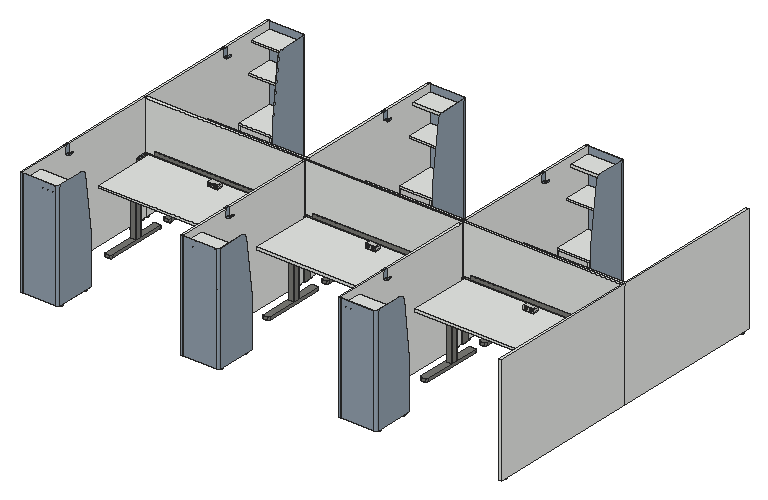
Revit family "Layout-Teknion-Expansion_Cityline_Height_Adjustable_Workstation_10-R2021", category Furniture Systems, Revit 2021 (continued)
Definition of nested family "Screen-Teknion-JNSFOT_Floor_Screen_With_Metal_Tower_Open_Leg_Mounted_Two_Users-R2020"
  Lines and regions (in)
    symbolic lines
      curve 25: line (82.941, -16.65354, 0) -> (64.94091, -16.65354, 0)
      curve 26: line (71.441, 0, 0) -> (71.441, -16.65354, 0)
      curve 27: line (73.441, 0, 0) -> (73.441, -16.65354, 0)
      curve 28: arc (82.941, -16.65354, 0) -> (83.64811, -16.36065, 0) -> (83.941, -15.65354, 0) r 1
      curve 76: line (-3.83075, 0, 0) -> (-3.83075, -1.43701, 0)
      curve 77: line (3.83067, -1.43701, 0) -> (3.83067, 0, 0)
    symbolic lines, detail levels medium+fine
      curve 29: line (-82.94108, 0, 0) -> (-82.94108, -16.65354, 0)
      curve 30: line (-65.77966, -1.01575, 0) -> (-82.20092, -1.01575, 0)
      curve 31: line (-82.20092, -1.01575, 0) -> (-82.20092, -15.6378, 0)
      curve 32: line (-82.20092, -15.6378, 0) -> (-65.77966, -15.6378, 0)
      curve 33: line (-58.81608, 1.01575, 0) -> (-57.06608, 1.01575, 0)
      curve 34: line (-58.81608, 0, 0) -> (-57.06608, 0, 0)
      curve 35: line (57.066, 1.01575, 0) -> (58.816, 1.01575, 0)
      curve 36: line (57.066, 0, 0) -> (58.816, 0, 0)
      curve 37: line (82.20084, -1.01575, 0) -> (65.77958, -1.01575, 0)
      curve 38: line (82.20084, -15.6378, 0) -> (82.20084, -1.01575, 0)
      curve 39: line (65.77958, -15.6378, 0) -> (82.20084, -15.6378, 0)
      curve 40: line (82.94091, -16.65354, 0) -> (82.94091, 0, 0)
      curve 41: line (-5.16933, -0.0752, 0) -> (-3.83135, -0.0752, 0)
      curve 42: line (3.83007, -0.0752, 0) -> (5.16925, -0.0752, 0)
    symbolic lines, visible <- "Standard-Height Pass-Through", detail levels medium+fine
      curve 43: line (-3.2276, 1.05512, 0) -> (-3.2276, -0.03937, 0)
      curve 44: line (-3.42331, -0.03937, 0) -> (-0.84457, -0.03937, 0)
      curve 45: arc (-0.76583, 0, 0) -> (-0.80055, -0.02898, 0) -> (-0.84457, -0.03937, 0) r 0.09843
      curve 46: arc (-3.42331, -0.03937, 0) -> (-3.46732, -0.02898, 0) -> (-3.50205, 0, 0) r 0.09843
      curve 47: line (-1.04028, 1.05512, 0) -> (-1.04028, -0.03937, 0)
      curve 48: line (-3.39378, 1.01575, 0) -> (-3.39378, 0, 0)
      curve 49: line (-0.87409, 1.01575, 0) -> (-0.87409, 0, 0)
    symbolic lines, visible <- "Standard-Height Pass-Through", detail levels fine
      curve 50: line (-3.45283, 1.01575, 0) -> (-3.45283, 0, 0)
      curve 51: line (-0.81504, 1.01575, 0) -> (-0.81504, 0, 0)
    symbolic lines, detail levels fine
      curve 52: arc (-81.94108, 0.50787, 0) -> (-82.44108, 1.00787, 0) -> (-82.94108, 0.50787, 0) r 0.5
      curve 53: arc (-82.94108, 0.50787, 0) -> (-82.44108, 0.00787, 0) -> (-81.94108, 0.50787, 0) r 0.5
      curve 54: arc (-80.94108, -0.50787, 0) -> (-81.44108, -0.00787, 0) -> (-81.94108, -0.50787, 0) r 0.5
      curve 55: arc (-81.94108, -0.50787, 0) -> (-81.44108, -1.00787, 0) -> (-80.94108, -0.50787, 0) r 0.5
      curve 56: arc (-66.77966, -0.50787, 0) -> (-67.27966, -0.00787, 0) -> (-67.77966, -0.50787, 0) r 0.5
      curve 57: arc (-67.77966, -0.50787, 0) -> (-67.27966, -1.00787, 0) -> (-66.77966, -0.50787, 0) r 0.5
      curve 58: arc (-66.77966, -16.14567, 0) -> (-67.27966, -15.64567, 0) -> (-67.77966, -16.14567, 0) r 0.5
      curve 59: arc (-67.77966, -16.14567, 0) -> (-67.27966, -16.64567, 0) -> (-66.77966, -16.14567, 0) r 0.5
      curve 60: arc (-80.94108, -16.14567, 0) -> (-81.44108, -15.64567, 0) -> (-81.94108, -16.14567, 0) r 0.5
      curve 61: arc (-81.94108, -16.14567, 0) -> (-81.44108, -16.64567, 0) -> (-80.94108, -16.14567, 0) r 0.5
      curve 62: arc (-1.00004, 0.50787, 0) -> (-1.50004, 1.00787, 0) -> (-2.00004, 0.50787, 0) r 0.5
      curve 63: arc (-2.00004, 0.50787, 0) -> (-1.50004, 0.00787, 0) -> (-1.00004, 0.50787, 0) r 0.5
      curve 64: arc (1.99996, 0.50787, 0) -> (1.49996, 1.00787, 0) -> (0.99996, 0.50787, 0) r 0.5
      curve 65: arc (0.99996, 0.50787, 0) -> (1.49996, 0.00787, 0) -> (1.99996, 0.50787, 0) r 0.5
      curve 66: arc (67.77958, -16.14567, 0) -> (67.27958, -15.64567, 0) -> (66.77958, -16.14567, 0) r 0.5
      curve 67: arc (66.77958, -16.14567, 0) -> (67.27958, -16.64567, 0) -> (67.77958, -16.14567, 0) r 0.5
      curve 68: arc (81.941, -16.14567, 0) -> (81.441, -15.64567, 0) -> (80.941, -16.14567, 0) r 0.5
      curve 69: arc (80.941, -16.14567, 0) -> (81.441, -16.64567, 0) -> (81.941, -16.14567, 0) r 0.5
      curve 70: arc (80.941, -0.50787, 0) -> (81.441, -1.00787, 0) -> (81.941, -0.50787, 0) r 0.5
      curve 71: arc (81.941, -0.50787, 0) -> (81.441, -0.00787, 0) -> (80.941, -0.50787, 0) r 0.5
      curve 72: arc (81.941, 0.50787, 0) -> (82.441, 0.00787, 0) -> (82.941, 0.50787, 0) r 0.5
      curve 73: arc (82.941, 0.50787, 0) -> (82.441, 1.00787, 0) -> (81.941, 0.50787, 0) r 0.5
      curve 74: arc (66.77958, -0.50787, 0) -> (67.27958, -1.00787, 0) -> (67.77958, -0.50787, 0) r 0.5
      curve 75: arc (67.77958, -0.50787, 0) -> (67.27958, -0.00787, 0) -> (66.77958, -0.50787, 0) r 0.5
  Dimensions and locks (in)
    "Width": plane 4 "Left" to plane 5 "Right"
    locked: plane 6 "Back" to plane 7 "Front" at 17.72835
    "Datum Height": plane 8 "Top" to level
    equal spacing: plane 6 "Back", plane 1 "Center Front/Back", plane 7 "Front"
    equal spacing: plane 4 "Left", plane 3 "Center Left/Right", plane 5 "Right"
    locked: plane 9 to plane 2 at 0.60236
    locked: plane 4 "Left" to Sweep 1 sketch curve at 0.05906
    locked: plane 6 "Back" to Sweep 1 sketch curve at 1.01575
    locked: Sweep 2 sketch curve to plane 5 "Right" at 0.05906
    locked: plane 6 "Back" to Sweep 2 sketch curve at 1.01575
    "Cut-Out - Pass-Through": Sweep 3 sketch curve to Sweep 3 sketch curve
    locked: plane 6 "Back" to Sweep 3 sketch curve at 1.75
    plane 3 "Center Left/Right" to Sweep 3 sketch curve to Sweep 3 sketch curve = 0.815" locked, 2.6378" locked
    Sweep 3 sketch curve to Sweep 3 sketch curve to plane 9 = 6.3189" locked, 15.88976" locked
    locked: plane 7 "Front" to Sweep 4 sketch curve at 0.05906  (x2)
    locked: plane 4 "Left" to Sweep 4 sketch curve at 19.05906
    locked: plane 4 "Left" to Sweep 4 sketch curve at 0.05906
    locked: plane 7 "Front" to Sweep 4 sketch curve at 1.05906  (x2)
    locked: plane 4 "Left" to Sweep 4 sketch curve at 1.05906
    locked: Sweep 4 sketch curve to plane 5 "Right" at 0.05906
    locked: Sweep 4 sketch curve to plane 5 "Right" at 19.05906
    locked: Sweep 4 sketch curve to plane 5 "Right" at 1.05906
    locked: plane 7 "Front" to Sweep 5 sketch curve at 3
    locked: Sweep 5 sketch curve to plane 2 at 23  (x2)
    locked: Sweep 5 sketch curve to plane 5 "Right" at 19.05906
    locked: Sweep 6 sketch curve to plane 9 at 14.77165
    plane 4 "Left" to Sweep 6 sketch curve to Sweep 6 sketch curve = 1.05896" locked, 17.16142" locked
    Sweep 6 sketch curve to Sweep 6 sketch curve to plane 5 "Right" = 17.16132" locked, 1.05906" locked
    locked: plane 7 "Front" to Sweep 6 sketch curve at 0.05906  (x2)
    locked: plane 6 "Back" to Sweep 6 sketch curve at 1.01575
    locked: Sweep 6 sketch curve to plane 6 "Back" at 1.01575
    Sweep 7 sketch curve to Sweep 7 sketch curve to plane 2 = 13.75591" locked, 1.61811" locked
    plane 4 "Left" to Sweep 7 sketch curve to Sweep 7 sketch curve = 1.79912" locked, 16.42126" locked
    locked: plane 7 "Front" to Sweep 7 sketch curve at 1.0748  (x2)
    locked: plane 6 "Back" to Sweep 7 sketch curve at 2.0315  (x2)
    Sweep 7 sketch curve to Sweep 7 sketch curve to plane 5 "Right" = 16.42126" locked, 1.79912" locked
    plane 4 "Left" to Sweep 8 sketch curve to Sweep 8 sketch curve to Sweep 8 sketch curve = 0.05896" locked, 1.000" locked, 9.500" locked
    plane 7 "Front" to Sweep 8 sketch curve to Sweep 8 sketch curve = 0.05906" locked, 1.000" locked  (x2)
    locked: plane 6 "Back" to Sweep 8 sketch curve at 1.01575  (x2)
    Sweep 8 sketch curve to Sweep 8 sketch curve to Sweep 8 sketch curve to plane 5 "Right" = 9.500" locked, 1.000" locked, 0.05896" locked
    "Shelve 2 Distance": plane 8 "Top" to Sweep 9 sketch curve
    locked: Sweep 9 sketch curve to Sweep 9 sketch curve at 1.01575
    plane 4 "Left" to Sweep 9 sketch curve to Sweep 9 sketch curve to Sweep 9 sketch curve = 0.05896" locked, 1.000" locked, 11.500" locked
    Sweep 9 sketch curve to Sweep 9 sketch curve to Sweep 9 sketch curve to plane 5 "Right" = 11.500" locked, 1.000" locked, 0.05896" locked
    locked: plane 6 "Back" to Sweep 9 sketch curve at 1.01575  (x2)
    plane 7 "Front" to Sweep 9 sketch curve to Sweep 9 sketch curve = 0.05906" locked, 1.000" locked  (x2)
    Sweep 10 sketch curve to Sweep 10 sketch curve to plane 2 = 1.01575" locked, 15.37402" locked
    plane 4 "Left" to Sweep 10 sketch curve to Sweep 10 sketch curve to Sweep 10 sketch curve = 0.05896" locked, 1.000" locked, 17.16142" locked
    Sweep 10 sketch curve to Sweep 10 sketch curve to Sweep 10 sketch curve to plane 5 "Right" = 17.16142" locked, 1.000" locked, 0.05896" locked
    locked: plane 6 "Back" to Sweep 10 sketch curve at 1.01575  (x2)
    plane 7 "Front" to Sweep 10 sketch curve to Sweep 10 sketch curve = 0.05906" locked, 1.000" locked  (x2)
    Sweep 11 sketch curve to Sweep 11 sketch curve to Sweep 11 sketch curve to Sweep 11 sketch curve to plane 2 = 0.16618" locked, 0.02953" locked, 0.07874" locked, 16.44291" locked
    Sweep 11 sketch curve to Sweep 11 sketch curve to Sweep 11 sketch curve = 0.19571" locked, 0.07874" locked
    Sweep 11 sketch curve to plane 6 "Back" to Sweep 11 sketch curve to Sweep 11 sketch curve = 0.03937" locked, 1.01575" locked, 0.03937" locked
    Sweep 12 sketch curve to plane 3 "Center Left/Right" to Sweep 12 sketch curve = 5.16929" locked, 5.16929" locked
    Sweep 12 sketch curve to Sweep 12 sketch curve to Sweep 12 sketch curve to Sweep 12 sketch curve to plane 2 = 0.0752" locked, 4.96063" locked, 0.0752" locked, 22.65709" locked
    plane 6 "Back" to Sweep 12 sketch curve to Sweep 12 sketch curve to Sweep 12 sketch curve to Sweep 12 sketch curve = 1.01575" locked, 0.0752" locked, 1.18465" locked, 0.17717" locked
    plane 6 "Back" to Sweep 13 sketch curve to Sweep 13 sketch curve = 1.01575" locked, 1.43701" locked
    Sweep 13 sketch curve to Sweep 13 sketch curve to Sweep 13 sketch curve to plane 3 "Center Left/Right" to Sweep 13 sketch curve to Sweep 13 sketch curve to Sweep 13 sketch curve = 1.33858" locked, 0.6811" locked, 3.14961" locked, 3.14961" locked, 0.6811" locked, 1.33858" locked
    Sweep 13 sketch curve to Sweep 13 sketch curve to Sweep 13 sketch curve to Sweep 13 sketch curve to plane 2 = 0.0752" locked, 4.96063" locked, 0.0752" locked, 22.65709" locked
    Sweep 14 sketch curve to plane 3 "Center Left/Right" to Sweep 14 sketch curve = 1.500" locked, 1.500" locked
    locked: plane 6 "Back" to Sweep 14 sketch curve at 0.50787  (x2)
    Sweep 14 sketch curve to Sweep 14 sketch curve to Sweep 14 sketch curve to Sweep 14 sketch curve to Sweep 14 sketch curve to plane 5 "Right" = 0.000" locked, 14.16142" locked, 0.000" locked, 1.000" locked, 1.55896" locked
    plane 6 "Back" to Sweep 14 sketch curve to Sweep 14 sketch curve to Sweep 14 sketch curve to Sweep 14 sketch curve to Sweep 14 sketch curve = 0.50787" locked, 1.01575" locked, 0.000" locked, 15.6378" locked, 0.000" locked  (x2)
    plane 4 "Left" to Sweep 14 sketch curve to Sweep 14 sketch curve to Sweep 14 sketch curve to Sweep 14 sketch curve to Sweep 14 sketch curve = 1.55896" locked, 1.000" locked, 0.000" locked, 14.16142" locked, 0.000" locked
    plane 4 "Left" to Sweep 15 sketch curve to Sweep 15 sketch curve = 25.18396" locked, 1.750" locked
    plane 8 "Top" to Sweep 8 sketch curve to Sweep 8 sketch curve = 3.000" locked, 1.01575" locked
    locked: plane 8 "Top" to Sweep 5 sketch curve at 2  (x2)
    locked: Sweep 5 sketch curve to plane 4 "Left" at 19.05906
    Sweep 15 sketch curve to Sweep 15 sketch curve to Sweep 15 sketch curve to Sweep 15 sketch curve to Sweep 15 sketch curve to plane 6 "Back" to Sweep 15 sketch curve = 0.04724" locked, 0.3937" locked, 1.51181" locked, 0.04724" locked, 1.01575" locked, 0.04724" locked
    Sweep 15 sketch curve to plane 8 "Top" to Sweep 15 sketch curve to Sweep 15 sketch curve to Sweep 15 sketch curve to Sweep 15 sketch curve = 0.04724" locked, 0.94488" locked, 1.81693" locked, 0.3937" locked, 0.04724" locked
    "Round Corner Cut-Out": Sweep 5 sketch curve to plane 4 "Left"
    "Round Corner Cut-Out": Sweep 5 sketch curve to plane 5 "Right"
    Sweep 16 sketch curve to Sweep 16 sketch curve to plane 5 "Right" = 1.750" locked, 25.18396" locked
    plane 6 "Back" to Sweep 17 sketch curve to Sweep 17 sketch curve = 2.76575" locked, 0.250" locked
    Sweep 17 sketch curve to Sweep 17 sketch curve to Sweep 17 sketch curve to Sweep 17 sketch curve to plane 4 "Left" = 0.250" locked, 1.250" locked, 0.250" locked, 25.18396" locked
    plane 8 "Top" to Sweep 17 sketch curve to Sweep 17 sketch curve = 2.40551" locked, 0.250" locked  (x4)
    Sweep 17 sketch curve to Sweep 17 sketch curve to Sweep 17 sketch curve to Sweep 17 sketch curve to plane 5 "Right" = 0.250" locked, 1.250" locked, 0.250" locked, 25.18396" locked
    Sweep 18 sketch curve to plane 6 "Back" to Sweep 18 sketch curve = 0.04724" locked, 0.20276" locked
    Sweep 18 sketch curve to Sweep 18 sketch curve to Sweep 18 sketch curve to Sweep 18 sketch curve to plane 5 "Right" = 0.53937" locked, 0.67126" locked, 0.53937" locked, 25.18396" locked
    Sweep 18 sketch curve to Sweep 18 sketch curve to plane 8 "Top" = 0.53937" locked, 0.40551" locked  (x4)
    Sweep 18 sketch curve to Sweep 18 sketch curve to Sweep 18 sketch curve to Sweep 18 sketch curve to plane 4 "Left" = 0.53937" locked, 0.67126" locked, 0.53937" locked, 25.18396" locked
    equal spacing: cut or joined group of Sweep 6, Sweep 7, nested 1, cut or joined group of Sweep 6, Sweep 7
    equal spacing: cut or joined group of Sweep 6, Sweep 7, nested 5, cut or joined group of Sweep 6, Sweep 7
    equal spacing: cut or joined group of Sweep 4, Sweep 5, nested 2, plane 3 "Center Left/Right"
    equal spacing: plane 3 "Center Left/Right", nested 4, Sweep 2
    equal spacing: plane 6 "Back", nested 2, cut or joined group of Sweep 1, Sweep 3
    equal spacing: plane 6 "Back", nested 4, Sweep 2
    equal spacing: plane 6 "Back", nested 3, Sweep 2
    plane 8 "Top" to Sweep 19 sketch curve to Sweep 19 sketch curve = 2.55512" locked, 1.250" locked
    plane 4 "Left" to Sweep 19 sketch curve to Sweep 19 sketch curve = 25.69331" locked, 0.7313" locked
    plane 6 "Back" to Sweep 19 sketch curve to Sweep 19 sketch curve = 1.62205" locked, 0.3937" locked  (x2)
    plane 5 "Right" to Sweep 19 sketch curve to Sweep 19 sketch curve = 25.69331" locked, 0.7313" locked
    Masking region 2 sketch curve to Masking region 2 sketch curve to Masking region 2 sketch curve to Masking region 2 sketch curve to plane 3 "Center Left/Right" = 0.07874" locked, 2.57874" locked, 0.07874" locked, 0.76579" locked
    aligned and locked: level to plane 2
    aligned and locked: Sweep 1 sketch curve to plane 3 "Center Left/Right"
    aligned and locked: plane 8 "Top" to Sweep 1 sketch curve
    aligned and locked: plane 9 to Sweep 1 sketch curve
    aligned and locked: plane 6 "Back" to Sweep 1 sketch curve
    aligned and locked: plane 3 "Center Left/Right" to Sweep 1 sketch curve
    aligned and locked: Sweep 2 sketch curve to plane 3 "Center Left/Right"  (x2)
    aligned and locked: plane 8 "Top" to Sweep 2 sketch curve
    aligned and locked: plane 9 to Sweep 2 sketch curve
    aligned and locked: plane 6 "Back" to Sweep 2 sketch curve
    aligned and locked: plane 3 "Center Left/Right" to Sweep 3 sketch curve
    aligned and locked: plane 3 "Center Left/Right" to Sweep 4 sketch curve
    aligned and locked: plane 8 "Top" to Sweep 4 sketch curve
    aligned and locked: plane 9 to Sweep 4 sketch curve
    aligned and locked: Sweep 4 sketch curve to plane 6 "Back"  (x2)
    aligned and locked: plane 4 "Left" to Sweep 4 sketch curve
    aligned and locked: Sweep 4 sketch curve to plane 7 "Front"
    aligned and locked: plane 7 "Front" to Sweep 4 sketch curve
    aligned and locked: Sweep 4 sketch curve to plane 5 "Right"
    aligned and locked: Sweep 5 sketch curve to plane 3 "Center Left/Right"
    aligned and locked: plane 7 "Front" to Sweep 5 sketch curve
    aligned and locked: Sweep 5 sketch curve to plane 8 "Top"
    aligned and locked: plane 8 "Top" to Sweep 5 sketch curve
    aligned and locked: Sweep 6 sketch curve to plane 3 "Center Left/Right"
    aligned and locked: plane 9 to Sweep 6 sketch curve
    aligned and locked: Sweep 7 sketch curve to plane 3 "Center Left/Right"
    aligned and locked: Sweep 8 sketch curve to plane 3 "Center Left/Right"
    aligned and locked: Sweep 9 sketch curve to plane 3 "Center Left/Right"
    aligned and locked: Sweep 10 sketch curve to plane 3 "Center Left/Right"
    aligned and locked: Sweep 11 sketch curve to cut or joined group of Sweep 1, Sweep 3  (x4)
    aligned and locked: Sweep 11 sketch curve to plane 6 "Back"
    aligned and locked: plane 1 "Center Front/Back" to Sweep 12 sketch curve
    aligned and locked: Sweep 13 sketch curve to plane 3 "Center Left/Right"
    aligned and locked: Sweep 13 sketch curve to Sweep 13 sketch curve  (x2)
    aligned and locked: Sweep 14 sketch curve to plane 3 "Center Left/Right"
    aligned and locked: plane 2 to Sweep 14 sketch curve
    aligned and locked: plane 9 to Sweep 14 sketch curve
    aligned and locked: plane 1 "Center Front/Back" to Sweep 15 sketch curve
    aligned and locked: Sweep 15 sketch curve to plane 8 "Top"
    aligned and locked: Sweep 15 sketch curve to plane 6 "Back"
    aligned and locked: plane 1 "Center Front/Back" to Sweep 16 sketch curve
    aligned and locked: Sweep 16 sketch curve to Sweep 15  (x12)
    aligned and locked: plane 3 "Center Left/Right" to Sweep 17 sketch curve
    aligned and locked: Sweep 18 sketch curve to plane 3 "Center Left/Right"
    aligned and locked: Sweep 10 to nested 1
    aligned and locked: nested 5 to Sweep 10
    aligned and locked: plane 3 "Center Left/Right" to nested 3
    aligned and locked: curve 1 to plane 7 "Front"
    aligned and locked: curve 2 to plane 4 "Left"
    aligned and locked: curve 3 to plane 6 "Back"
    aligned and locked: curve 4 to plane 5 "Right"
    aligned and locked: Sweep 19 sketch curve to plane 3 "Center Left/Right"
    aligned and locked: Masking region 1 sketch curve to Sweep 10  (x2)
    aligned and locked: Masking region 1 sketch curve to cut or joined group of Sweep 4, Sweep 5  (x7)
    aligned and locked: Masking region 1 sketch curve to cut or joined group of Sweep 1, Sweep 3  (x2)
    aligned and locked: cut or joined group of Sweep 4, Sweep 5 to Masking region 1 sketch curve
    aligned and locked: Sweep 2 to Masking region 1 sketch curve  (x2)
    aligned and locked: Masking region 1 sketch curve to cut or joined group of Sweep 16, Sweep 17, Sweep 18, Sweep 19  (x7)
    aligned and locked: Masking region 1 sketch curve to Sweep 2
    aligned and locked: Masking region 1 sketch curve to cut or joined group of Sweep 12, Sweep 13  (x8)
    aligned and locked: cut or joined group of Sweep 12, Sweep 13 to Masking region 1 sketch curve  (x3)
    aligned and locked: Masking region 1 sketch curve to cut or joined group of Sweep 15, Sweep 17, Sweep 18, Sweep 19  (x8)
    aligned and locked: cut or joined group of Sweep 1, Sweep 3 to Masking region 1 sketch curve
    aligned and locked: curve 6 to cut or joined group of Sweep 4, Sweep 5
    aligned and locked: curve 7 to cut or joined group of Sweep 4, Sweep 5
    aligned and locked: curve 8 to cut or joined group of Sweep 1, Sweep 3
    aligned and locked: cut or joined group of Sweep 15, Sweep 17, Sweep 18, Sweep 19 to curve 9
    aligned and locked: curve 10 to Sweep 8
    aligned and locked: curve 11 to Sweep 9
    aligned and locked: cut or joined group of Sweep 15, Sweep 17, Sweep 18, Sweep 19 to curve 12
    aligned and locked: cut or joined group of Sweep 1, Sweep 3 to curve 13
    aligned and locked: curve 14 to cut or joined group of Sweep 15, Sweep 17, Sweep 18, Sweep 19
    aligned and locked: curve 15 to cut or joined group of Sweep 15, Sweep 17, Sweep 18, Sweep 19
    aligned and locked: Sweep 2 to curve 16
    aligned and locked: cut or joined group of Sweep 16, Sweep 17, Sweep 18, Sweep 19 to curve 19
    aligned and locked: curve 20 to cut or joined group of Sweep 16, Sweep 17, Sweep 18, Sweep 19
    aligned and locked: curve 21 to cut or joined group of Sweep 16, Sweep 17, Sweep 18, Sweep 19
    aligned and locked: Sweep 2 to curve 22
    aligned and locked: cut or joined group of Sweep 16, Sweep 17, Sweep 18, Sweep 19 to curve 23
    aligned and locked: cut or joined group of Sweep 4, Sweep 5 to curve 24
    aligned and locked: curve 25 to cut or joined group of Sweep 4, Sweep 5
    aligned and locked: curve 26 to Sweep 9
    aligned and locked: curve 27 to Sweep 8
    aligned and locked: curve 28 to Sweep 8
    aligned and locked: curve 29 to cut or joined group of Sweep 6, Sweep 7
    aligned and locked: curve 30 to cut or joined group of Sweep 6, Sweep 7
    aligned and locked: curve 31 to cut or joined group of Sweep 6, Sweep 7
    aligned and locked: curve 32 to cut or joined group of Sweep 6, Sweep 7
    aligned and locked: cut or joined group of Sweep 1, Sweep 3 to curve 34
    aligned and locked: curve 33 to cut or joined group of Sweep 1, Sweep 3
    aligned and locked: Sweep 2 to curve 36
    aligned and locked: curve 35 to Sweep 2
    aligned and locked: curve 37 to cut or joined group of Sweep 6, Sweep 7
    aligned and locked: curve 38 to cut or joined group of Sweep 6, Sweep 7
    aligned and locked: curve 39 to cut or joined group of Sweep 6, Sweep 7
    aligned and locked: curve 40 to cut or joined group of Sweep 6, Sweep 7
    aligned and locked: cut or joined group of Sweep 12, Sweep 13 to curve 42
    aligned and locked: curve 41 to cut or joined group of Sweep 12, Sweep 13
    aligned and locked: Masking region 2 sketch curve to Sweep 11  (x2)
    aligned and locked: curve 44 to Sweep 11
    aligned and locked: curve 43 to Sweep 11
    aligned and locked: curve 48 to Sweep 11
    aligned and locked: curve 47 to Sweep 11
    aligned and locked: curve 49 to Sweep 11
    aligned and locked: curve 52 to Sweep 14
    aligned and locked: curve 53 to Sweep 14
    aligned and locked: curve 54 to Sweep 14
    aligned and locked: curve 55 to Sweep 14
    aligned and locked: curve 56 to Sweep 14
    aligned and locked: curve 57 to Sweep 14
    aligned and locked: curve 58 to Sweep 14
    aligned and locked: curve 59 to Sweep 14
    aligned and locked: curve 60 to Sweep 14
    aligned and locked: curve 61 to Sweep 14
    aligned and locked: curve 62 to Sweep 14
    aligned and locked: curve 63 to Sweep 14
    aligned and locked: curve 64 to Sweep 14
    aligned and locked: curve 65 to Sweep 14
    aligned and locked: curve 66 to Sweep 14
    aligned and locked: curve 67 to Sweep 14
    aligned and locked: curve 68 to Sweep 14
    aligned and locked: curve 69 to Sweep 14
    aligned and locked: curve 70 to Sweep 14
    aligned and locked: curve 71 to Sweep 14
    aligned and locked: curve 72 to Sweep 14
    aligned and locked: curve 73 to Sweep 14
    aligned and locked: curve 74 to Sweep 14
    aligned and locked: curve 75 to Sweep 14
    aligned and locked: curve 76 to cut or joined group of Sweep 12, Sweep 13
    aligned and locked: curve 77 to cut or joined group of Sweep 12, Sweep 13
    aligned and locked: Masking region 1 sketch curve to curve 23
    aligned and locked: curve 3 to Masking region 1 sketch curve
  Automatic sketch dimensions
    Sweep 3 sketch curve to Sweep 3 sketch curve = 0.3937"  (x4)
    Sweep 4 sketch curve to Sweep 4 sketch curve = 0.000"  (x2)
    Sweep 14 sketch curve to Sweep 14 sketch curve = 0.000"  (x24)
    Sweep 14 sketch curve to Sweep 14 sketch curve = 0.500"  (x12)
    Sweep 15 sketch curve to Sweep 15 sketch curve = 0.000"
    Sweep 15 sketch curve to Sweep 15 sketch curve = 0.3563"
    Sweep 17 sketch curve to Sweep 17 sketch curve = 0.000"  (x12)
    Sweep 18 sketch curve to Sweep 18 sketch curve = 0.000"  (x12)
    curve 50 to plane 6 "Back" = 0.000"
    curve 51 to plane 6 "Back" = 0.000"
    curve 48 to plane 6 "Back" = 0.000"
    curve 49 to plane 6 "Back" = 0.000"
    curve 44 to curve 48 = 0.02953"
    curve 49 to curve 44 = 0.02953"
    curve 49 to curve 45 = 0.05906"
    curve 11 to curve 32 = 5.66142"
    curve 11 to curve 30 = 5.66142"
    curve 32 to curve 6 = 0.83868"
    curve 15 to curve 8 = 0.000"
    curve 14 to curve 8 = 0.000"
    curve 15 to curve 15 = 1.750"
    curve 14 to curve 12 = 0.000"
    curve 41 to curve 17 = 1.33798"
    curve 46 to curve 50 = 0.04921"
    curve 17 to curve 42 = 1.33918"
    curve 21 to curve 18 = 0.000"
    curve 20 to curve 18 = 0.000"
    curve 20 to curve 22 = 0.000"
    curve 21 to curve 21 = 1.750"
    curve 25 to curve 26 = 6.50009"
    curve 37 to curve 26 = 5.66142"
    curve 25 to curve 39 = 0.83868"
    curve 40 to curve 25 = 0.000"
    curve 29 to curve 7 = 0.000"
    curve 5 to plane 6 "Back" = 0.00084"
    curve 16 to plane 6 "Back" = 0.00084"
    curve 24 to plane 6 "Back" = 0.00084"
    plane 6 "Back" to curve 47 = 0.03937"
    plane 6 "Back" to curve 43 = 0.03937"
    curve 53 to curve 52 = 0.000"
    curve 52 to curve 52 = 0.000"
    curve 54 to curve 54 = 0.000"  (x2)
    curve 56 to curve 57 = 0.000"  (x2)
    curve 59 to curve 59 = 0.000"
    curve 58 to curve 58 = 0.000"
    curve 60 to curve 61 = 0.000"
    curve 60 to curve 60 = 0.000"
    curve 62 to curve 62 = 0.000"
    curve 45 to curve 62 = 0.44882"
    curve 64 to curve 65 = 0.000"  (x2)
    curve 66 to curve 66 = 0.000"  (x2)
    curve 68 to curve 68 = 0.000"
    curve 69 to curve 68 = 0.000"
    curve 70 to curve 70 = 0.000"
    curve 70 to curve 71 = 0.000"
    curve 73 to curve 73 = 0.000"
    curve 72 to curve 73 = 0.000"
    curve 74 to curve 74 = 0.000"
    curve 74 to curve 75 = 0.000"
    curve 17 to curve 76 = 0.0006"
    curve 76 to curve 17 = 1.36181"
    curve 17 to curve 77 = 0.0006"
    curve 77 to curve 17 = 1.36181"
    curve 50 to curve 46 = 0.05906"
    curve 44 to curve 51 = 0.02953"
  Nested families (in)
    nested 1: "Teknion_2D_Node_Family-R2016" at (-65.77966, -8.32677, 0), type "Teknion_2D_Node_Family-R2016"
    nested 2: "Teknion_2D_Node_Family-R2016" at (-41.97051, 0.50787, 0), type "Teknion_2D_Node_Family-R2016"
    nested 3: "Teknion_2D_Node_Family-R2016" at (-0.00004, 0.50787, 0), type "Teknion_2D_Node_Family-R2016"
    nested 4: "Teknion_2D_Node_Family-R2016" at (41.97043, 0.50787, 0), type "Teknion_2D_Node_Family-R2016"
    nested 5: "Teknion_2D_Node_Family-R2016" at (65.77958, -8.32677, 0), type "Teknion_2D_Node_Family-R2016"
  Definition of nested family "Teknion_2D_Node_Family-R2016"
    Reference planes (in)
      plane 1 "Center (Front/Back)": y = 0
      plane 2: z = 0
      plane 3 "Center (Left/Right)": x = 0
    Lines and regions (in)
      detail lines, in view "Ref. Level"
        curve 1: circle (0, 0, 0) r 1.25 normal (0, 0, 1)
        curve 2: line (1.91508, -1.91508, 0) -> (-1.91508, 1.91508, 0)
        curve 3: line (-1.91508, -1.91508, 0) -> (1.91508, 1.91508, 0)
Definition of nested family "Screen-Teknion-JZSFOP_Floor_Screen_With_Metal_Tower_Open_EZ_Fence_Post_Mounted-R2021"
  Parameters (values of type "57" Datum Height, Half-Beam Width Reduction, No Accessory")
    Width Reduction = if([Half-Beam Reduction], 0.000", if([Full-Beam Reduction], 1.693", 0.500"))  # 0.000"
    Width [instance] = 84.000"
    Warranty = "http://www.teknion.com/ca/papers/legal-canada"
    Unit Weight URL = "http://www.teknion.com/ca/tools/assets#&asset=bee6a381-b954-425e-8283-5a2de3a804f2,f828d448-4b62-4231-9e5f-9a8991c0ed77"
    URL = "www.teknion.com"
    To render please download texture images found here [instance] = "https://assets.teknion.com/web/5e81352c1dfdb467/revit-material-swatches/"
    Sustainability Data = "https://www.teknion.com/ca/tools/assets#&topic=216f99a5-57a0-44fc-b10a-9dee9b29ae4c&asset=444deb64-fe58-4b68-981e-f75e97781df7,b4ff2d81-9f2e-437d-9659-7cffb09c31cf"
    Shelve 2 Distance = if(Datum Height = 50.831", 16.016", if(Datum Height = 57.000", 18.516", 18.516"))  # 18.516"
    Series = "Expansion Cityline"  # constant formula
    Screen Width [instance] = if(Width = 66.000", 64.543", if(Width = 72.000", 70.543", if(Width = 78.000", 76.543", if(Width = 84.000", 82.543", 82.543"))))  # 82.543"
    Screen Finish [instance] = none
    Round Corner Cut-Out = if(Datum Height = 50.831", 13.641", if(Datum Height = 57.000", 12.829", 12.829"))  # 12.829"
    Product Page URL = "https://www.teknion.com/ca/products/product-details?productLineId=9ad2a26e-8e7a-673b-a6c8-ff05004460c4"
    Product Line = "EZ Fence Screens"  # constant formula
    Product Documentation Link = "https://www.teknion.com/pricing/expansion-cityline/pdfs/JZSFOP_ppg.pdf"
    Part Number = "JZSFOP"  # constant formula
    Model = "JZSFOP_57_HN"
    Metal Tower Finish [instance] = none
    Manufacturer Phone = "416-661-3370"  # constant formula
    Manufacturer Fax = "416.661.4586"  # constant formula
    Manufacturer Contact Information = "http://www.teknion.com/ca/contactus"
    Manufacturer Address = "1150 Flint Road, Toronto, ON. M3J 2J5. Canada"  # constant formula
    Manufacturer = "Teknion"  # constant formula
    How To Use Teknion Materials User Guide [instance] = "https://assets.teknion.com/m/205dd0a49fa58060/original/How-to-add-a-Material-Library-and-Texture-Images-to-your-Revit-project.pdf"
    Hook Finish [instance] = none
    Hardware Finish [instance] = none
    Half-Beam Reduction = yes
    Full-Beam Reduction = no
    For Additional Finishes please visit [instance] = "https://assets.teknion.com/m/44a8009b046e5d47/original/Teknion_Materials_Library.zip"
    Description = "Floor Screen With Metal Tower - Open - EZ Fence Post-Mounted - 57\" Datum Height, Half-Beam Width Reduction, No Accessory"
    Default Elevation = 0.000"
    Datum Height = 57.000"
    Available Width [instance] = "66, 72, 78 & 84 Inch"  # constant formula
    Assembly Code = "E2020200"
  Types (5): name | Width Reduction | Shelve 2 Distance | Round Corner Cut-Out | Model | Half-Beam Reduction | Full-Beam Reduction | Description | Datum Height
    (no name) | 0.000" | 18.516" | 12.829" | "JZSFOP_57_HN" | yes | no | "Floor Screen With Metal Tower - Open - EZ Fence Post-Mounted - 57\" Datum Height, Half-Beam Width Reduction, No Accessory" | 57.000"
    51" Datum Height, Full-Beam Width Reduction, No Accessory | 1.693" | 16.016" | 13.641" | "JZSFOP_51__FN" | no | yes | "Floor Screen With Metal Tower - Open - EZ Fence Post-Mounted - 51\" Datum Height, Full-Beam Width Reduction, No Accessory" | 50.831"
    57" Datum Height, Full-Beam Width Reduction, No Accessory | 1.693" | 18.516" | 12.829" | "JZSFOP_57__FN" | no | yes | "Floor Screen With Metal Tower - Open - EZ Fence Post-Mounted - 57\" Datum Height, Full-Beam Width Reduction, No Accessory" | 57.000"
    51" Datum Height, Half-Beam Width Reduction, No Accessory | 0.000" | 16.016" | 13.641" | "JZSFOP_51__HN" | yes | no | "Floor Screen With Metal Tower - Open - EZ Fence Post-Mounted - 51\" Datum Height, Half-Beam Width Reduction, No Accessory" | 50.831"
    57" Datum Height, Half-Beam Width Reduction, No Accessory | 0.000" | 18.516" | 12.829" | "JZSFOP_57_HN" | yes | no | "Floor Screen With Metal Tower - Open - EZ Fence Post-Mounted - 57\" Datum Height, Half-Beam Width Reduction, No Accessory" | 57.000"
  Reference planes (in)
    plane 1 "Center Front/Back": y = -8.16142
    plane 2: z = 0
    plane 3 "Center Left/Right": x = 42.7874
    plane 4 "Left": x = 1.5159
    plane 5 "Right": x = 84.0589
    plane 6 "Back": y = 0.89764
    plane 7 "Front": y = -17.22047
    plane 8 "Top": z = 57
    plane 9 "Width Reduction": x = 84.0589
    plane 10: z = 0.60236
  Forms (in)
    Sweep 1, solid, material <- "Screen Finish"
      path origin (0, -8.16142, 0) x (1, 0, 0) y (0, 0, 1)
        loop
          line (42.7874, 57) -> (42.7874, 0.60236)
      profile origin (42.7874, -8.16142, 28.80118) x (0, -1, 0) y (1, 0, 0)
        loop
          line (-8.66929, -41.09433) -> (-7.65354, -41.09433) -> (-7.65354, 41.21253) -> (-8.66929, 41.21253) -> (-8.66929, -41.09433)
    Sweep 2, solid, material <- "Metal Tower Finish"
      path origin (0, -8.16142, 0) x (1, 0, 0) y (0, 0, 1)
        loop
          line (42.7874, 0.60236) -> (42.7874, 57)
      profile origin (42.7874, -8.16142, 28.80118) x (-1, 0, 0) y (0, -1, 0)
        loop
          line (-22.21253, 9.05906) -> (-40.21244, 9.05906)
          arc (-40.21244, 9.05906) -> (-40.96131, 8.74887) -> (-41.2715, 8) r 1.05906
          line (-41.2715, 8) -> (-41.2715, -8.66929) -> (-41.21253, -8.66929) -> (-41.21253, 8)
          arc (-41.21253, 8) -> (-40.91964, 8.70711) -> (-40.21253, 9) r 1
          line (-40.21253, 9) -> (-22.21253, 9) -> (-22.21253, 9.05906)
    Sweep 3, void
      path origin (0, 0, 0) x (1, 0, 0) y (0, 1, 0)
        loop
          line (42.7874, -17.22047) -> (42.7874, -16.22047)
      profile origin (42.7874, -16.72047, 0) x (-1, 0, 0) y (0, 0, 1)
        loop
          line (-22.21253, 23) -> (-22.21253, 57) -> (-28.4425, 57)
          arc (-28.4425, 57) -> (-27.12381, 56.50368) -> (-26.45961, 55.26105) r 2
          line (-26.45961, 55.26105) -> (-22.21253, 23)
    Sweep 4, solid
      path origin (0, -8.16142, 0) x (1, 0, 0) y (0, 0, 1)
        loop
          line (42.7874, 0.60236) -> (42.7874, 0)
      profile origin (42.7874, -8.16142, 0.30118) x (0, -1, 0) y (1, 0, 0)
        loop
          circle (-8.16142, -39.59433) r 0.5
        loop
          circle (-8.16142, 39.71244) r 0.5
        loop
          circle (-7.14567, 38.71244) r 0.5
        loop
          circle (-7.14567, 24.55103) r 0.5
        loop
          circle (8.49213, 24.55103) r 0.5
        loop
          circle (8.49213, 38.71244) r 0.5
    Sweep 5, solid, material <- "Screen Finish"
      path origin (0, -8.16142, 0) x (1, 0, 0) y (0, 0, 1)
        loop
          line (42.7874, 15.37402) -> (42.7874, 0.60236)
      profile origin (42.7874, -8.16142, 7.98819) x (0, -1, 0) y (1, 0, 0)
        loop
          line (-7.65354, 23.05103) -> (9, 23.05103) -> (9, 40.21253) -> (-7.65354, 40.21253) -> (-7.65354, 23.05103)
    Sweep 6, void
      path origin (0, -8.16142, 0) x (1, 0, 0) y (0, 0, 1)
        loop
          line (42.7874, 15.37402) -> (42.7874, 1.61811)
      profile origin (42.7874, -8.16142, 8.49606) x (0, -1, 0) y (1, 0, 0)
        loop
          line (-6.6378, 23.05103) -> (7.98425, 23.05103) -> (7.98425, 39.47229) -> (-6.6378, 39.47229) -> (-6.6378, 23.05103)
    Sweep 7, solid, material <- "Screen Finish"
      path origin (0, -8.16142, 0) x (1, 0, 0) y (0, 0, 1)
        loop
          line (42.7874, 16.38976) -> (42.7874, 15.37402)
      profile origin (42.7874, -8.16142, 15.88189) x (0, -1, 0) y (1, 0, 0)
        loop
          line (-7.65354, 23.05103) -> (9, 23.05103) -> (9, 40.21244)
          arc (9, 40.21244) -> (8.70711, 40.91955) -> (8, 41.21244) r 1
          line (8, 41.21244) -> (-7.65354, 41.21244) -> (-7.65354, 23.05103)
    Sweep 8, solid, material <- "Screen Finish"
      path origin (0, -8.16142, 0) x (1, 0, 0) y (0, 0, 1)
        loop
          line (42.7874, 38.484) -> (42.7874, 37.46825)
      profile origin (42.7874, -8.16142, 37.97613) x (0, -1, 0) y (1, 0, 0)
        loop
          line (-7.65354, 28.71244) -> (9, 28.71244) -> (9, 40.21244)
          arc (9, 40.21244) -> (8.70711, 40.91955) -> (8, 41.21244) r 1
          line (8, 41.21244) -> (-7.65354, 41.21244) -> (-7.65354, 28.71244)
    Sweep 9, solid, material <- "Screen Finish"
      path origin (0, -8.16142, 0) x (1, 0, 0) y (0, 0, 1)
        loop
          line (42.7874, 54) -> (42.7874, 52.98425)
      profile origin (42.7874, -8.16142, 53.49213) x (0, -1, 0) y (1, 0, 0)
        loop
          line (-7.65354, 30.71244) -> (9, 30.71244) -> (9, 40.21244)
          arc (9, 40.21244) -> (8.70711, 40.91955) -> (8, 41.21244) r 1
          line (8, 41.21244) -> (-7.65354, 41.21244) -> (-7.65354, 30.71244)
    Sweep 10, solid, material <- "Hardware Finish"
      path origin (0, -8.16142, 0) x (1, 0, 0) y (0, 0, 1)
        loop
          line (42.7874, 22.06299) -> (42.7874, 13.00787)
      profile origin (42.7874, -8.16142, 17.53543) x (0, -1, 0) y (1, 0, 0)
        loop
          line (-8.74409, -40.90637) -> (-9.05906, -41.021) -> (-9.05906, -41.2715) -> (-8.98425, -41.2715) -> (-8.98425, -41.07338) -> (-8.66929, -40.95874) -> (-8.66929, -39.67701) -> (-8.74409, -39.67701) -> (-8.74409, -40.90637)
        loop
          line (-7.33858, -41.2715) -> (-7.26378, -41.2715) -> (-7.26378, -41.021) -> (-7.57874, -40.90637) -> (-7.57874, -39.67701) -> (-7.65354, -39.67701) -> (-7.65354, -40.95874) -> (-7.33858, -41.07338) -> (-7.33858, -41.2715)
    Sweep 11, solid, material <- "Hook Finish"
      path origin (0, 0, 0) x (1, 0, 0) y (0, 1, 0)
        loop
          line (58.87515, -8.16142) -> (57.12515, -8.16142)
      profile origin (58.00015, -8.16142, 0) x (0, -1, 0) y (0, 0, 1)
        loop
          line (-8.71654, 57.04724) -> (-8.71654, 56.05512) -> (-8.66929, 56.05512) -> (-8.66929, 57) -> (-7.65354, 57) -> (-7.65354, 53.79724) -> (-6.09449, 53.79724)
          arc (-6.09449, 53.79724) -> (-5.78269, 53.92639) -> (-5.65354, 54.23819) r 0.44094
          line (-5.65354, 54.23819) -> (-5.65354, 54.59449) -> (-5.70079, 54.59449) -> (-5.70079, 54.23819)
          arc (-5.70079, 54.23819) -> (-5.8161, 53.9598) -> (-6.09449, 53.84449) r 0.3937
          line (-6.09449, 53.84449) -> (-7.6063, 53.84449) -> (-7.6063, 57.04724) -> (-8.71654, 57.04724)
    Sweep 12, void
      path origin (0, 0, 0) x (1, 0, 0) y (0, 1, 0)
        loop
          line (42.7874, -2.50787) -> (42.7874, -2.00787)
      profile origin (42.7874, -2.25787, 0) x (-1, 0, 0) y (0, 0, 1)
        loop
          line (-14.33775, 54.59449) -> (-14.58775, 54.59449)
          arc (-14.58775, 54.59449) -> (-14.41098, 54.52126) -> (-14.33775, 54.34449) r 0.25
          line (-14.33775, 54.34449) -> (-14.33775, 54.59449)
        loop
          arc (-16.08775, 54.34449) -> (-16.01453, 54.52126) -> (-15.83775, 54.59449) r 0.25
          line (-15.83775, 54.59449) -> (-16.08775, 54.59449) -> (-16.08775, 54.34449)
    Sweep 13, void
      path origin (0, 0, 0) x (1, 0, 0) y (0, 1, 0)
        loop
          line (42.7874, 0.55512) -> (42.7874, 0.30512)
      profile origin (42.7874, 0.43012, 0) x (1, 0, 0) y (0, 0, 1)
        loop
          arc (14.87576, 56.05512) -> (14.49533, 56.2127) -> (14.33775, 56.59313) r 0.53801
          line (14.33775, 56.59313) -> (14.33775, 56.05512) -> (14.87576, 56.05512)
        loop
          line (15.54974, 56.05512) -> (16.08775, 56.05512) -> (16.08775, 56.59313)
          arc (16.08775, 56.59313) -> (15.93017, 56.2127) -> (15.54974, 56.05512) r 0.53801
    Sweep 14, void
      path origin (0, -8.16142, 0) x (1, 0, 0) y (0, 0, 1)
        loop
          line (42.7874, 54.41539) -> (42.7874, 53.41539)
      profile origin (42.7874, -8.16142, 53.91539) x (0, -1, 0) y (1, 0, 0)
        loop
          arc (-7.04724, 14.8471) -> (-6.85039, 14.65025) -> (-6.65354, 14.8471) r 0.19685
          line (-6.65354, 14.8471) -> (-6.65354, 15.5784)
          arc (-6.65354, 15.5784) -> (-6.85039, 15.77525) -> (-7.04724, 15.5784) r 0.19685
          line (-7.04724, 15.5784) -> (-7.04724, 14.8471)
  Cuts and joins
    Sweep 3 cuts Sweep 2
    Sweep 6 cuts Sweep 5
    Sweep 12, Sweep 13, Sweep 14 cuts Sweep 11
  Lines and regions (in)
    Masking region 1
      outline origin (0, 0, 0) x (1, 0, 0) y (0, 1, 0)
        loop
          line (1.5159, -0.89764) -> (1.7664, -0.89764) -> (1.88104, -0.58268) -> (3.11039, -0.58268) -> (3.11039, -0.50787) -> (57.12515, -0.50787) -> (57.12515, -2.50787) -> (58.87515, -2.50787) -> (58.87515, -0.50787) -> (65.83843, -0.50787) -> (65.83843, -17.16142) -> (64.99993, -17.16142) -> (64.99993, -17.22047) -> (82.99985, -17.22047)
          arc (82.99985, -17.22047) -> (83.74871, -16.91028) -> (84.0589, -16.16142) r 1.05906
          line (84.0589, -16.16142) -> (84.0589, 0.50787) -> (58.87515, 0.50787) -> (58.87515, 0.55512) -> (57.12515, 0.55512) -> (57.12515, 0.50787) -> (3.11039, 0.50787) -> (3.11039, 0.58268) -> (1.88104, 0.58268) -> (1.7664, 0.89764) -> (1.5159, 0.89764) -> (1.5159, 0.82283) -> (1.71402, 0.82283) -> (1.82866, 0.50787) -> (1.69307, 0.50787) -> (1.69307, -0.50787) -> (1.82866, -0.50787) -> (1.71402, -0.82283) -> (1.5159, -0.82283) -> (1.5159, -0.89764)
        loop
          arc (57.6345, -1.11417) -> (57.43765, -1.31102) -> (57.6345, -1.50787) r 0.19685
          line (57.6345, -1.50787) -> (58.3658, -1.50787)
          arc (58.3658, -1.50787) -> (58.56265, -1.31102) -> (58.3658, -1.11417) r 0.19685
          line (58.3658, -1.11417) -> (57.6345, -1.11417)
    symbolic lines
      curve 1: line (57.12515, 0.50787, 0) -> (1.69307, 0.50787, 0)
      curve 2: line (1.69307, -0.50787, 0) -> (57.12515, -0.50787, 0)
      curve 3: line (57.12515, 0.50787, 0) -> (57.12515, -0.50787, 0)
      curve 4: line (58.87515, -2.46063, 0) -> (57.12515, -2.46063, 0)
      curve 5: line (57.12515, -0.55512, 0) -> (58.87515, -0.55512, 0)
      curve 6: line (58.87515, 0.50787, 0) -> (58.87515, -0.50787, 0)
      curve 7: line (58.87515, -0.50787, 0) -> (83.99993, -0.50787, 0)
      curve 8: line (83.99993, 0.50787, 0) -> (83.99993, -16.16142, 0)
      curve 9: line (82.99993, -17.16142, 0) -> (64.99993, -17.16142, 0)
      curve 10: arc (82.99993, -17.16142, 0) -> (83.70704, -16.86852, 0) -> (83.99993, -16.16142, 0) r 1
      curve 11: line (71.49985, -0.50787, 0) -> (71.49985, -17.16142, 0)
      curve 12: line (73.49985, -0.50787, 0) -> (73.49985, -17.16142, 0)
    symbolic lines, detail levels medium+fine
      curve 13: line (82.25969, -1.52362, 0) -> (65.83843, -1.52362, 0)
      curve 14: line (82.25969, -16.14567, 0) -> (82.25969, -1.52362, 0)
      curve 15: line (65.83843, -16.14567, 0) -> (82.25969, -16.14567, 0)
      curve 16: line (82.99993, -17.16142, 0) -> (82.99993, -0.50787, 0)
      curve 29: line (57.12515, -0.50787, 0) -> (58.87515, -0.50787, 0)
      curve 30: line (57.12515, 0.50787, 0) -> (58.87515, 0.50787, 0)
    symbolic lines, detail levels fine
      curve 17: arc (81.99985, -16.65354, 0) -> (81.49985, -16.15354, 0) -> (80.99985, -16.65354, 0) r 0.5
      curve 18: arc (80.99985, -16.65354, 0) -> (81.49985, -17.15354, 0) -> (81.99985, -16.65354, 0) r 0.5
      curve 19: arc (67.83843, -16.65354, 0) -> (67.33843, -16.15354, 0) -> (66.83843, -16.65354, 0) r 0.5
      curve 20: arc (66.83843, -16.65354, 0) -> (67.33843, -17.15354, 0) -> (67.83843, -16.65354, 0) r 0.5
      curve 21: arc (80.99985, -1.01575, 0) -> (81.49985, -1.51575, 0) -> (81.99985, -1.01575, 0) r 0.5
      curve 22: arc (81.99985, -1.01575, 0) -> (81.49985, -0.51575, 0) -> (80.99985, -1.01575, 0) r 0.5
      curve 23: arc (81.99985, 0, 0) -> (82.49985, -0.5, 0) -> (82.99985, 0, 0) r 0.5
      curve 24: arc (82.99985, 0, 0) -> (82.49985, 0.5, 0) -> (81.99985, 0, 0) r 0.5
      curve 25: arc (66.83843, -1.01575, 0) -> (67.33843, -1.51575, 0) -> (67.83843, -1.01575, 0) r 0.5
      curve 26: arc (67.83843, -1.01575, 0) -> (67.33843, -0.51575, 0) -> (66.83843, -1.01575, 0) r 0.5
      curve 27: arc (3.69307, 0, 0) -> (3.19307, 0.5, 0) -> (2.69307, 0, 0) r 0.5
      curve 28: arc (2.69307, 0, 0) -> (3.19307, -0.5, 0) -> (3.69307, 0, 0) r 0.5
    reference lines
      curve 31: line (1.5159, 0.89764, 0) -> (1.5159, -17.22047, 0)
      curve 32: line (1.5159, -17.22047, 0) -> (84.0589, -17.22047, 0)
      curve 33: line (1.5159, 0.89764, 0) -> (84.0589, 0.89764, 0)
      curve 34: line (84.0589, 0.89764, 0) -> (84.0589, -17.22047, 0)
  Dimensions and locks (in)
    "Screen Width": plane 4 "Left" to plane 5 "Right"
    locked: plane 6 "Back" to plane 7 "Front" at 18.11811
    "Datum Height": plane 8 "Top" to level
    equal spacing: plane 6 "Back", plane 1 "Center Front/Back", plane 7 "Front"
    equal spacing: plane 4 "Left", plane 3 "Center Left/Right", plane 5 "Right"
    "Width Reduction": plane 9 "Width Reduction" to plane 5 "Right"
    locked: nested 1 to plane 4 "Left" at 1.51583
    locked: plane 6 "Back" to nested 1 at 0.89764
    locked: plane 10 to plane 2 at 0.60236
    plane 6 "Back" to Sweep 1 sketch curve to Sweep 1 sketch curve = 0.38976" locked, 1.01575" locked
    locked: Sweep 1 sketch curve to plane 9 "Width Reduction" at 0.05897
    locked: plane 4 "Left" to Sweep 1 sketch curve at 0.17717
    locked: plane 6 "Back" to Sweep 2 sketch curve at 0.38976
    plane 7 "Front" to Sweep 2 sketch curve to Sweep 2 sketch curve = 0.05906" locked, 1.000" locked
    locked: Sweep 2 sketch curve to plane 9 "Width Reduction" at 0.05897
    Sweep 2 sketch curve to Sweep 2 sketch curve to plane 9 "Width Reduction" = 17.99991" locked, 1.05906" locked
    locked: plane 7 "Front" to Sweep 3 sketch curve at 1
    "Round Corner Cut-Out": plane 9 "Width Reduction" to Sweep 3 sketch curve
    locked: Sweep 3 sketch curve to plane 9 "Width Reduction" at 19.05897
    locked: Sweep 3 sketch curve to plane 2 at 23
    locked: plane 8 "Top" to Sweep 3 sketch curve at 2
    locked: plane 4 "Left" to Sweep 4 sketch curve at 1.67717
    Sweep 4 sketch curve to Sweep 4 sketch curve to Sweep 4 sketch curve to Sweep 4 sketch curve to Sweep 4 sketch curve to plane 9 "Width Reduction" = 0.000" locked, 14.16142" locked, 0.000" locked, 1.000" locked, 1.55906" locked
    locked: plane 6 "Back" to Sweep 4 sketch curve at 0.89764
    plane 6 "Back" to Sweep 4 sketch curve to Sweep 4 sketch curve to Sweep 4 sketch curve to Sweep 4 sketch curve to Sweep 4 sketch curve = 0.89764" locked, 1.01575" locked, 0.000" locked, 15.6378" locked, 0.000" locked
    locked: Sweep 5 sketch curve to plane 10 at 14.77165
    locked: plane 6 "Back" to Sweep 5 sketch curve at 1.40551
    locked: plane 7 "Front" to Sweep 5 sketch curve at 0.05906
    Sweep 5 sketch curve to Sweep 5 sketch curve to plane 9 "Width Reduction" = 17.1615" locked, 1.05897" locked
    Sweep 6 sketch curve to Sweep 6 sketch curve to plane 2 = 13.75591" locked, 1.61811" locked
    locked: plane 6 "Back" to Sweep 6 sketch curve at 2.42126
    locked: plane 7 "Front" to Sweep 6 sketch curve at 1.0748
    Sweep 6 sketch curve to Sweep 6 sketch curve to plane 9 "Width Reduction" = 16.42126" locked, 1.79921" locked
    Sweep 7 sketch curve to Sweep 7 sketch curve to plane 2 = 1.01575" locked, 15.37402" locked
    Sweep 7 sketch curve to Sweep 7 sketch curve to Sweep 7 sketch curve to plane 9 "Width Reduction" = 17.16142" locked, 1.000" locked, 0.05906" locked
    locked: plane 6 "Back" to Sweep 7 sketch curve at 1.40551
    plane 7 "Front" to Sweep 7 sketch curve to Sweep 7 sketch curve = 0.05906" locked, 1.000" locked
    "Shelve 2 Distance": plane 8 "Top" to Sweep 8 sketch curve
    locked: Sweep 8 sketch curve to Sweep 8 sketch curve at 1.01575
    Sweep 8 sketch curve to Sweep 8 sketch curve to Sweep 8 sketch curve to plane 9 "Width Reduction" = 11.500" locked, 1.000" locked, 0.05906" locked
    locked: plane 6 "Back" to Sweep 8 sketch curve at 1.40551
    plane 7 "Front" to Sweep 8 sketch curve to Sweep 8 sketch curve = 0.05906" locked, 1.000" locked
    plane 8 "Top" to Sweep 9 sketch curve to Sweep 9 sketch curve = 3.000" locked, 1.01575" locked
    Sweep 9 sketch curve to Sweep 9 sketch curve to Sweep 9 sketch curve to plane 9 "Width Reduction" = 9.500" locked, 1.000" locked, 0.05906" locked
    locked: plane 6 "Back" to Sweep 9 sketch curve at 1.40551
    plane 7 "Front" to Sweep 9 sketch curve to Sweep 9 sketch curve = 0.05906" locked, 1.000" locked
    Sweep 10 sketch curve to Sweep 10 sketch curve to plane 2 = 9.05512" locked, 13.00787" locked
    plane 6 "Back" to Sweep 10 sketch curve to Sweep 10 sketch curve to Sweep 10 sketch curve to Sweep 10 sketch curve to Sweep 10 sketch curve to Sweep 10 sketch curve to Sweep 10 sketch curve = 0.0748" locked, 0.24016" locked, 0.0748" locked, 1.01575" locked, 0.0748" locked, 0.24016" locked, 0.0748" locked
    plane 4 "Left" to Sweep 10 sketch curve to Sweep 10 sketch curve to Sweep 10 sketch curve to Sweep 10 sketch curve to Sweep 10 sketch curve = 0.19812" locked, 0.05238" locked, 0.06226" locked, 0.05238" locked, 1.22935" locked  (x2)
    Sweep 11 sketch curve to Sweep 11 sketch curve to Sweep 11 sketch curve to Sweep 11 sketch curve to Sweep 11 sketch curve to Sweep 11 sketch curve to Sweep 11 sketch curve to plane 6 "Back" = 0.04724" locked, 0.3937" locked, 1.51181" locked, 0.04724" locked, 1.01575" locked, 0.04724" locked, 0.34252" locked
    Sweep 11 sketch curve to plane 8 "Top" to Sweep 11 sketch curve to Sweep 11 sketch curve to Sweep 11 sketch curve to Sweep 11 sketch curve to Sweep 11 sketch curve = 0.04724" locked, 0.94488" locked, 1.46063" locked, 0.3563" locked, 0.3937" locked, 0.04724" locked
    plane 6 "Back" to Sweep 12 sketch curve to Sweep 12 sketch curve = 2.90551" locked, 0.500" locked
    Sweep 12 sketch curve to Sweep 12 sketch curve to Sweep 12 sketch curve to Sweep 12 sketch curve = 0.250" locked, 1.250" locked, 0.250" locked
    plane 8 "Top" to Sweep 12 sketch curve to Sweep 12 sketch curve = 2.40551" locked, 0.250" locked  (x2)
    nested 1 to plane 5 "Right" = 84.05883"
    plane 6 "Back" to Sweep 13 sketch curve to Sweep 13 sketch curve = 0.34252" locked, 0.250" locked
    Sweep 13 sketch curve to Sweep 13 sketch curve to plane 8 "Top" = 0.53801" locked, 0.40687" locked  (x2)
    Sweep 13 sketch curve to Sweep 13 sketch curve to Sweep 13 sketch curve to Sweep 13 sketch curve = 0.53801" locked, 0.67398" locked, 0.53801" locked
    plane 8 "Top" to Sweep 14 sketch curve to Sweep 14 sketch curve = 2.58461" locked, 1.000" locked
    locked: Sweep 14 sketch curve to Sweep 14 sketch curve at 0.7313
    plane 6 "Back" to Sweep 14 sketch curve to Sweep 14 sketch curve = 2.01181" locked, 0.3937" locked
    equal spacing: cut or joined group of Sweep 2, Sweep 3, nested 3, Sweep 1
    equal spacing: Sweep 1, nested 2, Sweep 1  (x2)
    locked: Sweep 11 sketch curve to Sweep 11 sketch curve at 1.75
    locked: Sweep 11 sketch curve to plane 9 "Width Reduction" at 25.18375
    locked: Sweep 14 sketch curve to plane 9 "Width Reduction" at 25.6931
    locked: plane 9 "Width Reduction" to Sweep 12 sketch curve at 25.18375
    locked: plane 9 "Width Reduction" to Sweep 13 sketch curve at 25.18375
    aligned and locked: level to plane 2
    aligned and locked: Sweep 1 sketch curve to plane 3 "Center Left/Right"
    aligned and locked: plane 10 to Sweep 1 sketch curve
    aligned and locked: plane 8 "Top" to Sweep 1 sketch curve
    aligned and locked: plane 3 "Center Left/Right" to Sweep 2 sketch curve
    aligned and locked: plane 8 "Top" to Sweep 2 sketch curve
    aligned and locked: plane 10 to Sweep 2 sketch curve
    aligned and locked: plane 7 "Front" to Sweep 2 sketch curve
    aligned and locked: plane 9 "Width Reduction" to Sweep 2 sketch curve
    aligned and locked: Sweep 3 sketch curve to plane 3 "Center Left/Right"
    aligned and locked: plane 7 "Front" to Sweep 3 sketch curve
    aligned and locked: plane 8 "Top" to Sweep 3 sketch curve
    aligned and locked: Sweep 4 sketch curve to plane 3 "Center Left/Right"
    aligned and locked: plane 2 to Sweep 4 sketch curve
    aligned and locked: plane 10 to Sweep 4 sketch curve
    aligned and locked: plane 10 to Sweep 5 sketch curve
    aligned and locked: Sweep 5 sketch curve to plane 3 "Center Left/Right"
    aligned and locked: Sweep 6 sketch curve to plane 3 "Center Left/Right"
    aligned and locked: Sweep 7 sketch curve to plane 3 "Center Left/Right"
    aligned and locked: Sweep 8 sketch curve to plane 3 "Center Left/Right"
    aligned and locked: Sweep 9 sketch curve to plane 3 "Center Left/Right"
    aligned and locked: Sweep 10 sketch curve to plane 3 "Center Left/Right"
    aligned and locked: Sweep 10 sketch curve to plane 4 "Left"
    aligned and locked: Sweep 10 sketch curve to plane 6 "Back"
    aligned and locked: plane 4 "Left" to Sweep 10 sketch curve
    aligned and locked: Sweep 11 sketch curve to plane 1 "Center Front/Back"
    aligned and locked: plane 8 "Top" to Sweep 11 sketch curve
    aligned and locked: plane 3 "Center Left/Right" to Sweep 12 sketch curve
    aligned and locked: Sweep 13 sketch curve to plane 3 "Center Left/Right"
    aligned and locked: Sweep 14 sketch curve to plane 3 "Center Left/Right"
    aligned and locked: nested 3 to Sweep 7
    aligned and locked: Masking region 1 sketch curve to Sweep 10  (x14)
    aligned and locked: Masking region 1 sketch curve to Sweep 1  (x4)
    aligned and locked: Sweep 1 to Masking region 1 sketch curve  (x3)
    aligned and locked: cut or joined group of Sweep 11, Sweep 12, Sweep 13, Sweep 14 to Masking region 1 sketch curve  (x2)
    aligned and locked: Masking region 1 sketch curve to cut or joined group of Sweep 11, Sweep 12, Sweep 13, Sweep 14  (x6)
    aligned and locked: Masking region 1 sketch curve to Sweep 7
    aligned and locked: Masking region 1 sketch curve to cut or joined group of Sweep 2, Sweep 3  (x3)
    aligned and locked: cut or joined group of Sweep 2, Sweep 3 to Masking region 1 sketch curve
    aligned and locked: Sweep 1 to curve 1
    aligned and locked: curve 2 to Sweep 1
    aligned and locked: cut or joined group of Sweep 11, Sweep 12, Sweep 13, Sweep 14 to curve 3
    aligned and locked: curve 5 to cut or joined group of Sweep 11, Sweep 12, Sweep 13, Sweep 14
    aligned and locked: cut or joined group of Sweep 11, Sweep 12, Sweep 13, Sweep 14 to curve 6
    aligned and locked: Sweep 1 to curve 7
    aligned and locked: curve 8 to cut or joined group of Sweep 2, Sweep 3
    aligned and locked: curve 10 to cut or joined group of Sweep 2, Sweep 3
    aligned and locked: curve 11 to Sweep 8
    aligned and locked: curve 12 to Sweep 9
    aligned and locked: curve 13 to cut or joined group of Sweep 5, Sweep 6
    aligned and locked: curve 14 to cut or joined group of Sweep 5, Sweep 6
    aligned and locked: curve 15 to cut or joined group of Sweep 5, Sweep 6
    aligned and locked: curve 16 to cut or joined group of Sweep 5, Sweep 6
    aligned and locked: curve 17 to Sweep 4
    aligned and locked: curve 18 to Sweep 4
    aligned and locked: curve 19 to Sweep 4
    aligned and locked: curve 20 to Sweep 4
    aligned and locked: curve 21 to Sweep 4
    aligned and locked: curve 22 to Sweep 4
    aligned and locked: curve 23 to Sweep 4
    aligned and locked: curve 24 to Sweep 4
    aligned and locked: curve 25 to Sweep 4
    aligned and locked: curve 26 to Sweep 4
    aligned and locked: curve 27 to Sweep 4
    aligned and locked: curve 28 to Sweep 4
    aligned and locked: curve 30 to Sweep 1
    aligned and locked: Sweep 1 to curve 29
    aligned and locked: curve 31 to plane 4 "Left"
    aligned and locked: plane 7 "Front" to curve 32
    aligned and locked: curve 33 to plane 6 "Back"
    aligned and locked: curve 34 to plane 9 "Width Reduction"
  Automatic sketch dimensions
    Sweep 2 sketch curve to Sweep 2 sketch curve = 0.000"
    Sweep 4 sketch curve to Sweep 4 sketch curve = 0.000"  (x12)
    Sweep 4 sketch curve to Sweep 4 sketch curve = 0.500"  (x6)
    Sweep 3 sketch curve to Sweep 3 sketch curve = 1.98289"
    Sweep 3 sketch curve to Sweep 3 sketch curve = 0.26105"
    Sweep 3 sketch curve to Sweep 3 sketch curve = 0.000"
    Sweep 11 sketch curve to Sweep 11 sketch curve = 0.000"
    Sweep 12 sketch curve to Sweep 12 sketch curve = 0.000"  (x5)
    Sweep 12 sketch curve to Sweep 12 sketch curve = 0.250"
    plane 4 "Left" to curve 2 = 0.17717"
    plane 4 "Left" to curve 1 = 0.17717"
    curve 4 to curve 2 = 0.000"
    curve 5 to curve 2 = 0.000"
    curve 4 to curve 4 = 1.750"
    curve 29 to curve 5 = 0.000"
    curve 9 to curve 19 = 1.8385"
    curve 13 to curve 25 = 1.000"
    curve 15 to curve 19 = 1.000"
    curve 17 to curve 18 = 0.000"
    curve 19 to curve 19 = 0.000"  (x2)
    curve 17 to curve 17 = 0.000"
    curve 25 to curve 25 = 0.000"  (x2)
    curve 21 to curve 21 = 0.000"  (x2)
    curve 23 to curve 24 = 0.000"
    curve 24 to curve 23 = 0.000"
    curve 28 to curve 27 = 0.000"
    curve 27 to curve 28 = 0.000"
    curve 8 to plane 6 "Back" = 0.38976"
    curve 4 to curve 5 = 1.90551"
  Nested families (in)
    nested 1: "Teknion_2D_Node_Family-R2016" at (0.00007, 0, 0), type "Teknion_2D_Node_Family-R2016"
    nested 2: "Teknion_2D_Node_Family-R2016" at (42.8465, 0, 0), type "Teknion_2D_Node_Family-R2016"
    nested 3: "Teknion_2D_Node_Family-R2016" at (65.83843, -8.83465, 0), type "Teknion_2D_Node_Family-R2016"
  Definition of nested family "Teknion_2D_Node_Family-R2016"
    Reference planes (in)
      plane 1 "Center (Front/Back)": y = 0
      plane 2: z = 0
      plane 3 "Center (Left/Right)": x = 0
    Lines and regions (in)
      detail lines, in view "Ref. Level"
        curve 1: circle (0, 0, 0) r 1.25 normal (0, 0, 1)
        curve 2: line (1.91508, -1.91508, 0) -> (-1.91508, 1.91508, 0)
        curve 3: line (-1.91508, -1.91508, 0) -> (1.91508, 1.91508, 0)
Definition of nested family "Screen-Teknion-JNSFST_Floor_Screen_Leg_Mounted_Two_Users-R2020"
  Parameters (values of type "42" Datum Height, No Pass-Through")
    Width [instance] = 168.000"
    Warranty = "http://www.teknion.com/ca/papers/legal-canada"
    Unit Weight URL = "http://www.teknion.com/ca/tools/assets#&asset=bee6a381-b954-425e-8283-5a2de3a804f2,f828d448-4b62-4231-9e5f-9a8991c0ed77"
    URL = "www.teknion.com"
    To render please download texture images found here [instance] = "https://assets.teknion.com/web/5e81352c1dfdb467/revit-material-swatches/"
    Sustainability Data = "https://www.teknion.com/ca/tools/assets#&topic=216f99a5-57a0-44fc-b10a-9dee9b29ae4c&asset=444deb64-fe58-4b68-981e-f75e97781df7,b4ff2d81-9f2e-437d-9659-7cffb09c31cf"
    Standard-Height Pass-Through = no
    Standard Corner [instance] = not(Radius Corner)  # yes
    Series = "Expansion Cityline"  # constant formula
